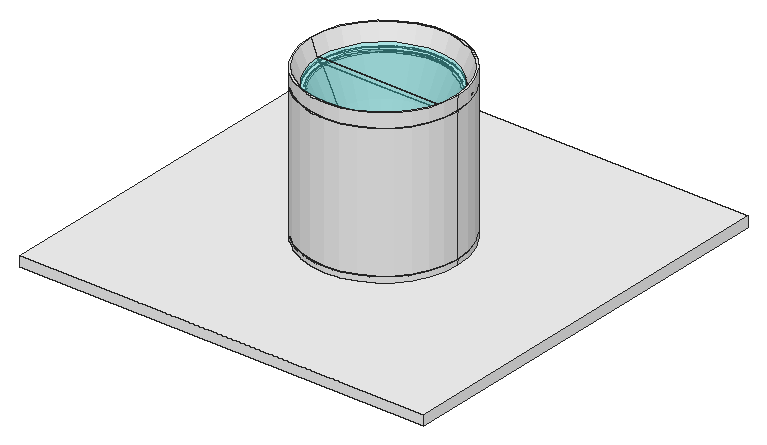
Revit family "BE_24402_de_DE", category Leuchten, Revit 2020
Family settings
  Basisbauteil = Fläche
  Bemaßung runder Anschluss = Durchmesser verwenden
  Teiletyp = Normal
  Beim Laden mit Abzugskörper schneiden = Ja
  Lichtquelle = Ja
  Gemeinsam genutzt = Nein
  Raumberechnungspunkt = Ja
Parameters (values of type "BEGA_24402_Weiß_K4")
  built-in parameter 1150104 = 13.378 (stored number, unit not read)
  Wattage = 11.5 W
  Default Elevation = 0 mm
  built-in parameter 1150113 = 1 (stored number, unit not read)
  built-in parameter 1114218 = 1 (stored number, unit not read)
  Umgebungstemperatur = "25 °C"
  URL = "https://www.bega.com/de/produkt/24402"
  Typenkommentare = "© 2022 BEGA. Wir behalten uns das Recht vor, technische Änderungen ohne vorherige Ankündigung vorzunehmen."  # constant formula
  Type Image = 24402.png
  built-in parameter 1150134 = 12
  built-in parameter 1150109 = 1 (stored number, unit not read)
  Strom = "0,35 A"
  built-in parameter 1150110 = 1 (stored number, unit not read)
  Spannung = 239.996 V
  Sonderanfertigung = no
  Seriennummer [instance] = "Hier können Sie die eindeutige Seriennummer für das Facility Management eintragen."
  Schutzklasse = "I"
  Schutzart = "IP 65"
  Scheinlast = 0 VA
  Produktdatenblatt = "https://cdn.bega.com/bega/products/24402K3/current/documents/data-sheets/de"
  Oberflächentemperatur = ""
  Neigungswinkel = 0.00°
  Modell = "24402WK4"
  Material_17 = BEGA_Reflektor
  Material_15 = BEGA_Leuchtmedium_matt
  Material_11 = BEGA_Glas_opal
  Material_09 = BEGA_Glas_klar
  Material_06 = BEGA_Oberfläche_Edelstahl_gebürstet
  Material_03 = BEGA_Oberfläche_Weiss_matt
  Material_02 = BEGA_Oberfläche_Silber_matt
  Material_01 [instance] = BEGA_Oberfläche_Grafit_matt
  M_W = yes
  M_G = no
  M_A = no
  Logo = 0
  built-in parameter 1114217 = 1 (stored number, unit not read)
  built-in parameter 1150139 = (empty or 0)
  built-in parameter 1150105 = 131.78 (stored number, unit not read)
  built-in parameter 1150114 = 1 (stored number, unit not read)
  Lumens = 1656 lm
  built-in parameter 1150115 = 1 (stored number, unit not read)
  Leuchtenlichtstrom = "1599 lm"
  Leuchtenanzahl = ""
  Lebensdauerkriterien = "L70B50 @ 25 °C = 200000 h"
  Lastklassifizierung = Beleuchtung
  built-in parameter 1150112 = 1 (stored number, unit not read)
  Lampenlichtstrom = "2080 lm"
  Lampe = "LED 11.5 W"
  LED_Modulbezeichnung = "LED-0800/840"
  Hersteller = "BEGA"  # constant formula
  Halbstreuwinkel = ""
  Gewicht = "1.7 kg"
  Gebrauchslageneinschränkung [instance] = ""
  Frequenz = "0/50-60 Hz"
  Farbwiedergabeindex = "CRI > 80"
  Farbtemperaturverschiebung bei Dämpfen der Lampe = <Keine Auswahl>
  Farbtemperatur = "4000 K"
  Color Filter = 16777215
  built-in parameter 1150133 = 10 (stored number, unit not read)
  Energieeffizienzklasse = "LED A++ - A"
  built-in parameter 1150137 = (empty or 0)
  built-in parameter 1150132 = (empty or 0)
  ENEC = "ja"
  Dimmbar [instance] = "DALI"
  Datei für fotometrisches Netz = "BE_24402K4.IES"
  CE_Konformität = "ja"
  Bestellnummer = "24402WK4"
  Beschreibung_Sonderanfertigung = "Hier können Sie Informationen zur Sonderanfertigung eintragen."
  Beschreibung = "Deckenaufbau-Tiefstrahler"
  built-in parameter 1150106 = 1.3178 (stored number, unit not read)
  Befestigungsbohrung = "Ø 4,3 mm"
  Befestigungsabstand = "123 mm"
  Ballwurfsicher = ""
  BEGA_Intern_aus = yes
  BEGA_Intern_an = yes
  BEGA_Intern_Konstruktion = yes
  BEGA_Intern = yes
  BEGA_IES = yes
  BEGA_Dummy = no
  Anschlussleitung = ""
  Anschlussleistung [instance] = "13.2 W"
  Anschlusskasten = ""
  built-in parameter 1150107 = 4000 (stored number, unit not read)
  built-in parameter 1150102 = (empty or 0)
  built-in parameter 1150138 = (empty or 0)
  Aktualisierung = "2022-05-18T04:00:07"
  Abstand_zur_angestrahlten_Fläche [instance] = ""
  AC/DC = "AC/DC"
Types (4, lengths in mm): name | built-in parameter 1150104 | built-in parameter 1150134 | Modell | M_W | M_G | built-in parameter 1150105 | Lumens | Leuchtenlichtstrom | Lampenlichtstrom | LED_Modulbezeichnung | Farbtemperatur | Datei für fotometrisches Netz | Bestellnummer | built-in parameter 1150106 | built-in parameter 1150107
  BEGA_24402_Grafit_K3 | 13.006 (stored number, unit not read) | (empty or 0) | "24402K3" | no | yes | 128.12 (stored number, unit not read) | 1610 lm | "1557 lm" | "2025 lm" | "LED-0800/830" | "3000 K" | "BE_24402K3.IES" | "24402K3" | 1.2812 (stored number, unit not read) | 3000 (stored number, unit not read)
  BEGA_24402_Weiß_K4 | 13.378 (stored number, unit not read) | 12 | "24402WK4" | yes | no | 131.78 (stored number, unit not read) | 1656 lm | "1599 lm" | "2080 lm" | "LED-0800/840" | "4000 K" | "BE_24402K4.IES" | "24402WK4" | 1.3178 (stored number, unit not read) | 4000 (stored number, unit not read)
  BEGA_24402_Weiß_K3 | 13.006 (stored number, unit not read) | (empty or 0) | "24402WK3" | yes | no | 128.12 (stored number, unit not read) | 1610 lm | "1557 lm" | "2025 lm" | "LED-0800/830" | "3000 K" | "BE_24402K3.IES" | "24402WK3" | 1.2812 (stored number, unit not read) | 3000 (stored number, unit not read)
  BEGA_24402_Grafit_K4 | 13.378 (stored number, unit not read) | 12 | "24402K4" | no | yes | 131.78 (stored number, unit not read) | 1656 lm | "1599 lm" | "2080 lm" | "LED-0800/840" | "4000 K" | "BE_24402K4.IES" | "24402K4" | 1.3178 (stored number, unit not read) | 4000 (stored number, unit not read)
Reference planes
  plane 1 "Mitte (Vorne/Hinten)": y = 0
  plane 2: z = 0
  plane 3 "Mitte (Links/Rechts)": x = 0
  plane 4 "Links": x = -73.502
  plane 5 "Rechts": x = 73.5
  plane 6 "Unten": y = -73.507
  plane 7 "Oben": y = 73.524
  plane 8 "Vorne": z = 150.379
  plane 9 "Hinten": z = 0
Forms (mm)
  Extrusion 1, solid, material "BEGA_Platte_Weiss"
    sketch origin (0, -1119.2, 0) x (1, 0, 0) y (0, 1, 0)
      loop
        line (-200, 1319.2) -> (-200, 919.2) -> (200, 919.2) -> (200, 1319.2) -> (-200, 1319.2)
    from 0 to -10
  Extrusion 2, solid, material "BEGA_Dummy_matt", visible <- "BEGA_Dummy"
    sketch origin (77.149, -76.023, 0) x (1, 0, 0) y (0, 1, 0)
      loop
        circle (-77.149, 76.023) r 73.502
    from 0 to 150.2
Dimensions and locks
  plane 1 "Mitte (Vorne/Hinten)" to Extrusion 1 = 200 mm
  aligned and locked: plane 2 to Extrusion 1
  aligned and locked: level to Extrusion 1
Nested families
  nested 1: "BE_24402" at (0, 0, 0), type "BE_24402"
Connectors
  electrical at (0, 0, 0), driven by "Lastklassifizierung", driven by "Spannung", driven by "Scheinlast"
    settings: index 1, voltage 239.996 V, apparent load 0 VA, apparent load phase1 0 VA, apparent load phase2 0 VA, apparent load phase3 0 VA, power factor 1, load classification "Beleuchtung", number of poles 1, system type 31, power factor state 1, is connector primary yes, connector utility no, sub classification motor no, connector description ""
Definition of nested family "BE_24402"
  Parameters (values of type "BE_24402")
    Default Elevation = 1 mm
    URL = "http://www.bega.de/de/produkt"
    Type Comments = "© 2015 BEGA. Wir behalten uns das Recht vor, technische Änderungen ohne vorherige Ankündigung vorzunehmen. "  # constant formula
    Type Image = (empty or 0)
    Neigungswinkel_um_Z2 = 0.00°
    Neigungswinkel_um_Z1 = 0.00°
    Neigungswinkel_um_Y2 = 0.00°
    Neigungswinkel_um_Y1 = 0.00°
    Neigungswinkel_um_X2 = 0.00°
    Neigungswinkel_um_X1 = 0.00°
    Material_17 = none
    Material_15 = none
    Material_11 = none
    Material_09 = none
    Material_06 = none
    Material_03 = none
    Material_02 = none
    Material_01 = none
    M_W = yes
    M_G = yes
    M_A = yes
    Länge_Platte = 200 mm  # constant formula
    Höhe_Platte = -10 mm  # constant formula
    Manufacturer = "BEGA"  # constant formula
    Drehwinkel_um_Z2 = 0.00°
    Drehwinkel_um_Z1 = 0.00°
    Breite_Platte = 200 mm  # constant formula
  Reference planes
    plane 1 "Mitte (Oben/Unten)": y = 0
    plane 2: z = 0
    plane 3 "Mitte (Links/Rechts)": x = 0
    plane 4 "Hinten": z = -40
    plane 5 "Links": x = -73.502
    plane 6 "Oben": y = 73.524
    plane 7 "Unten": y = -73.507
    plane 8: z = 150.2
    plane 9: x = 73.5
  Forms (mm)
    Extrusion 1, solid, detail levels medium
      sketch origin (0, 0, 0) x (1, 0, 0) y (0, 1, 0)
        loop
          line (-100, 100) -> (-100, -100) -> (100, -100) -> (100, 100) -> (-100, 100)
      from 0 to -10 <- "Höhe_Platte"
    Revolve 2, solid, material <- "Material_01", visible <- "M_G"
      sketch origin (0, 0, 0) x (1, 0, 0) y (0, 0, 1)
        loop
          line (-73.5, 136.2) -> (-73.5, 6) -> (-72.592, 6) -> (-71.5, 9) -> (-71.5, 24.964) -> (-63.501, 24.964) -> (-62.435, 55.5) -> (0, 55.5) -> (0, 60.5) -> (-61.52, 60.5) -> (-63.5, 117.2) -> (-71.5, 117.2) -> (-71.5, 133.2) -> (-72.592, 136.2) -> (-73.5, 136.2)
        axis (0, 6) -> (0, 136.2)
      angle from 0 to 360
    Revolve 3, solid, material <- "Material_17"
      sketch origin (0, 0, 0) x (1, 0, 0) y (0, 0, 1)
        loop
          arc (-61.084, 127.6) -> (-45.934, 95.233) -> (-27.286, 64.746) r 321.6
          arc (-27.286, 64.746) -> (-26.772, 64.283) -> (-26.105, 64.1) r 1.5
          line (-26.105, 64.1) -> (-25.035, 64.1) -> (-22.5, 64.1) -> (-22.5, 65.2)
          arc (-22.5, 65.2) -> (-22.646, 65.554) -> (-23, 65.7) r 0.5
          line (-23, 65.7) -> (-25.969, 65.7)
          arc (-25.969, 65.7) -> (-44.763, 96.49) -> (-59.972, 129.2) r 319.974
          line (-59.972, 129.2) -> (-64.916, 129.2) -> (-65, 127.6) -> (-61.084, 127.6)
        axis (0, 64.1) -> (0, 129.2)
      angle from 0 to 360
    Revolve 4, solid, material <- "Material_01", visible <- "M_G"
      sketch origin (0, 0, 0) x (1, 0, 0) y (0, 0, 1)
        loop
          line (-73.5, 150.2) -> (-73.5, 137.217) -> (-71.384, 136.994) -> (-69.5, 133.468) -> (-70.5, 132.891) -> (-70.5, 124.35) -> (-68.578, 123.7) -> (-66.339, 123.7) -> (-66.152, 129.2) -> (-62.553, 129.2)
          arc (-62.553, 129.2) -> (-61.858, 129.481) -> (-61.554, 130.166) r 1
          line (-61.554, 130.166) -> (-61.517, 131.2) -> (-64.965, 131.2) -> (-65, 132.2) -> (-72, 150.2) -> (-73.5, 150.2)
        axis (0, 123.7) -> (0, 150.2)
      angle from 0 to 360
    Revolve 5, solid, material <- "Material_15"
      sketch origin (0, 0, 0) x (1, 0, 0) y (0, 0, 1)
        loop
          line (-16, 60.5) -> (0, 60.5) -> (0, 62.05) -> (-16, 62.05) -> (-16, 60.5)
        axis (0, 60.5) -> (0, 62.05)
      angle from 0 to 360
    Revolve 6, solid, material <- "Material_09"
      sketch origin (0, 0, 0) x (1, 0, 0) y (0, 0, 1)
        loop
          line (-64.5, 135.8) -> (-64.5, 131.7) -> (0, 131.7) -> (0, 135.8) -> (-64.5, 135.8)
        axis (0, 131.7) -> (0, 135.8)
      angle from 0 to 360
    Revolve 7, solid, material <- "Material_03", visible <- "M_W"
      sketch origin (0, 0, 0) x (1, 0, 0) y (0, 0, 1)
        loop
          line (-73.5, 136.2) -> (-73.5, 6) -> (-72.592, 6) -> (-71.5, 9) -> (-71.5, 24.964) -> (-63.501, 24.964) -> (-62.435, 55.5) -> (0, 55.5) -> (0, 60.5) -> (-61.52, 60.5) -> (-63.5, 117.2) -> (-71.5, 117.2) -> (-71.5, 133.2) -> (-72.592, 136.2) -> (-73.5, 136.2)
        axis (0, 6) -> (0, 136.2)
      angle from 0 to 360
    Revolve 8, solid, material <- "Material_03", visible <- "M_W"
      sketch origin (0, 0, 0) x (1, 0, 0) y (0, 0, 1)
        loop
          line (-73.5, 150.2) -> (-73.5, 137.217) -> (-71.384, 136.994) -> (-69.5, 133.468) -> (-70.5, 132.891) -> (-70.5, 124.35) -> (-68.578, 123.7) -> (-66.339, 123.7) -> (-66.152, 129.2) -> (-62.553, 129.2)
          arc (-62.553, 129.2) -> (-61.858, 129.481) -> (-61.554, 130.166) r 1
          line (-61.554, 130.166) -> (-61.517, 131.2) -> (-64.965, 131.2) -> (-65, 132.2) -> (-72, 150.2) -> (-73.5, 150.2)
        axis (0, 123.7) -> (0, 150.2)
      angle from 0 to 360
    Revolve 9, solid, material <- "Material_01", visible <- "M_G"
      sketch origin (0, 0, 0) x (1, 0, 0) y (0, 0, 1)
        loop
          line (-66.29, 17) -> (0, 17) -> (0, 20) -> (-70.5, 20) -> (-70.5, 5.299) -> (-73.502, 4.983) -> (-73.502, 0) -> (-66.884, 0) -> (-66.29, 17)
        axis (0, 0) -> (0, 20)
      angle from 0 to 360
    Extrusion 10, solid, material <- "Material_01", visible <- "M_G"
      sketch origin (0, 0, 0) x (1, 0, 0) y (0, 1, 0)
        loop
          circle (-61.5, 0) r 2.233
        loop
          circle (-61.5, 0) r 6.309
        loop
          circle (61.5, 0) r 2.233
        loop
          circle (61.5, 0) r 6.309
      from 0 to 24.964
    Revolve 11, solid, material <- "Material_03", visible <- "M_W"
      sketch origin (0, 0, 0) x (1, 0, 0) y (0, 0, 1)
        loop
          line (-66.29, 17) -> (0, 17) -> (0, 20) -> (-70.5, 20) -> (-70.5, 5.299) -> (-73.502, 4.983) -> (-73.502, 0) -> (-66.884, 0) -> (-66.29, 17)
        axis (0, 0) -> (0, 20)
      angle from 0 to 360
    Extrusion 12, solid, material <- "Material_03", visible <- "M_W"
      sketch origin (0, 0, 0) x (1, 0, 0) y (0, 1, 0)
        loop
          circle (-61.5, 0) r 2.233
        loop
          circle (-61.5, 0) r 6.309
        loop
          circle (61.5, 0) r 2.233
        loop
          circle (61.5, 0) r 6.309
      from 0 to 24.964
    Extrusion 13, void
      sketch origin (0, 0, 0) x (1, 0, 0) y (0, 1, 0)
        loop
          circle (-20, -46) r 7.197
        loop
          circle (-20, 46) r 7.197
      from 0 to 24.964
  Cuts and joins
    Extrusion 13 cuts Revolve 9
    Extrusion 13 cuts Extrusion 10
    joined: Revolve 9, Extrusion 10
    Extrusion 13 cuts Revolve 11
    Extrusion 13 cuts Extrusion 12
    joined: Revolve 11, Extrusion 12
    Extrusion 13 cuts Revolve 2
    Extrusion 13 cuts Revolve 3
    Extrusion 13 cuts Revolve 6
    Extrusion 13 cuts Revolve 7
  Dimensions and locks
    equal spacing: Extrusion 1 sketch curve, plane 3 "Mitte (Links/Rechts)", Extrusion 1 sketch curve
    equal spacing: Extrusion 1 sketch curve, plane 1 "Mitte (Oben/Unten)", Extrusion 1 sketch curve
    "Länge_Platte": Extrusion 1 sketch curve to Extrusion 1 sketch curve
    "Breite_Platte": Extrusion 1 sketch curve to Extrusion 1 sketch curve
    aligned and locked: plane 2 to Extrusion 1
    aligned and locked: level to Extrusion 1
  Automatic sketch dimensions
    Revolve 2 sketch curve to plane 3 "Mitte (Links/Rechts)" = 0 mm  (x2)
    Revolve 2 sketch curve to plane 3 "Mitte (Links/Rechts)" = 61.52 mm
    Revolve 2 sketch curve to Revolve 2 sketch curve = 0.915 mm
    Revolve 2 sketch curve to Revolve 2 sketch curve = 1.98 mm
    Revolve 2 sketch curve to Revolve 2 sketch curve = 1.066 mm
    level to Revolve 2 sketch curve = 9 mm
    Revolve 2 sketch curve to Revolve 2 sketch curve = 7.999 mm
    Revolve 2 sketch curve to Revolve 2 sketch curve = 8 mm
    Revolve 2 sketch curve to Revolve 2 sketch curve = 1.092 mm  (x2)
    level to Revolve 2 sketch curve = 6 mm
    Revolve 2 sketch curve to Revolve 2 sketch curve = 0.908 mm
    Revolve 2 sketch curve to Revolve 2 sketch curve = 15.964 mm
    level to Revolve 2 sketch curve = 55.5 mm
    Revolve 2 sketch curve to Revolve 2 sketch curve = 5 mm
    Revolve 2 sketch curve to Revolve 2 sketch curve = 56.7 mm
    Revolve 2 sketch curve to Revolve 2 sketch curve = 16 mm
    Revolve 2 sketch curve to Revolve 2 sketch curve = 3 mm
    Revolve 2 sketch curve to Revolve 2 sketch curve = 38.059 mm
    Revolve 2 sketch curve to Revolve 2 sketch curve = 10 mm
    Revolve 3 sketch curve to Revolve 3 sketch curve = 0 mm  (x4)
    Revolve 3 sketch curve to plane 3 "Mitte (Links/Rechts)" = 0 mm
    Revolve 3 sketch curve to plane 3 "Mitte (Links/Rechts)" = 22.5 mm
    Revolve 3 sketch curve to Revolve 3 sketch curve = 0.5 mm
    Revolve 3 sketch curve to Revolve 3 sketch curve = 2.035 mm
    Revolve 3 sketch curve to Revolve 3 sketch curve = 1.07 mm
    Revolve 3 sketch curve to plane 3 "Mitte (Links/Rechts)" = 59.972 mm
    Revolve 3 sketch curve to Revolve 3 sketch curve = 1.111 mm
    Revolve 3 sketch curve to Revolve 3 sketch curve = 3.833 mm
    Revolve 3 sketch curve to Revolve 3 sketch curve = 0.084 mm
    Revolve 3 sketch curve to Revolve 3 sketch curve = 1.1 mm
    Revolve 3 sketch curve to Revolve 3 sketch curve = 1.6 mm
    Revolve 3 sketch curve to Revolve 3 sketch curve = 2.969 mm
    Revolve 3 sketch curve to Revolve 3 sketch curve = 36.359 mm
    Revolve 3 sketch curve to Revolve 3 sketch curve = 5 mm
    Revolve 3 sketch curve to Revolve 3 sketch curve = 0.054 mm
    Revolve 3 sketch curve to Revolve 3 sketch curve = 1.499 mm
    Revolve 3 sketch curve to Revolve 3 sketch curve = 20.541 mm
    Revolve 4 sketch curve to plane 3 "Mitte (Links/Rechts)" = 0 mm
    Revolve 4 sketch curve to plane 3 "Mitte (Links/Rechts)" = 61.517 mm
    Revolve 4 sketch curve to Revolve 4 sketch curve = 0.036 mm
    Revolve 4 sketch curve to Revolve 4 sketch curve = 0.999 mm
    Revolve 4 sketch curve to Revolve 4 sketch curve = 2.412 mm
    Revolve 4 sketch curve to Revolve 4 sketch curve = 0.035 mm
    Revolve 4 sketch curve to Revolve 4 sketch curve = 1.187 mm
    Revolve 4 sketch curve to Revolve 4 sketch curve = 0.187 mm
    Revolve 4 sketch curve to Revolve 4 sketch curve = 2.239 mm
    Revolve 4 sketch curve to Revolve 4 sketch curve = 4.5 mm
    Revolve 4 sketch curve to Revolve 4 sketch curve = 1 mm  (x2)
    Revolve 4 sketch curve to Revolve 4 sketch curve = 1.884 mm
    Revolve 4 sketch curve to Revolve 4 sketch curve = 0.616 mm
    Revolve 4 sketch curve to Revolve 4 sketch curve = 2.116 mm
    Revolve 4 sketch curve to Revolve 4 sketch curve = 0.65 mm
    Revolve 4 sketch curve to Revolve 4 sketch curve = 5.5 mm
    Revolve 4 sketch curve to Revolve 4 sketch curve = 0.966 mm
    Revolve 4 sketch curve to Revolve 4 sketch curve = 1.034 mm
    Revolve 4 sketch curve to Revolve 4 sketch curve = 0.691 mm
    Revolve 4 sketch curve to Revolve 4 sketch curve = 0.577 mm
    Revolve 4 sketch curve to Revolve 4 sketch curve = 3.526 mm
    Revolve 4 sketch curve to Revolve 4 sketch curve = 0.222 mm
    Revolve 4 sketch curve to Revolve 4 sketch curve = 12.983 mm
    Revolve 4 sketch curve to Revolve 4 sketch curve = 10 mm
    Revolve 5 sketch curve to plane 3 "Mitte (Links/Rechts)" = 0 mm  (x2)
    Revolve 5 sketch curve to Revolve 5 sketch curve = 16 mm
    Revolve 5 sketch curve to Revolve 5 sketch curve = 0 mm
    level to Revolve 5 sketch curve = 60.5 mm
    Revolve 5 sketch curve to Revolve 5 sketch curve = 1.55 mm
    Revolve 5 sketch curve to Revolve 5 sketch curve = 10.335 mm
    Revolve 5 sketch curve to Revolve 5 sketch curve = 2.718 mm
    Revolve 6 sketch curve to plane 3 "Mitte (Links/Rechts)" = 0 mm  (x2)
    Revolve 6 sketch curve to Revolve 6 sketch curve = 64.5 mm
    Revolve 6 sketch curve to Revolve 6 sketch curve = 4.1 mm
    Revolve 6 sketch curve to Revolve 6 sketch curve = 20 mm
    Revolve 6 sketch curve to Revolve 6 sketch curve = 17.052 mm
    Revolve 7 sketch curve to plane 3 "Mitte (Links/Rechts)" = 0 mm  (x2)
    Revolve 7 sketch curve to plane 3 "Mitte (Links/Rechts)" = 61.52 mm
    Revolve 7 sketch curve to Revolve 7 sketch curve = 0.915 mm
    Revolve 7 sketch curve to Revolve 7 sketch curve = 1.98 mm
    Revolve 7 sketch curve to Revolve 7 sketch curve = 1.066 mm
    level to Revolve 7 sketch curve = 9 mm
    Revolve 7 sketch curve to Revolve 7 sketch curve = 7.999 mm
    Revolve 7 sketch curve to Revolve 7 sketch curve = 8 mm
    Revolve 7 sketch curve to Revolve 7 sketch curve = 1.092 mm  (x2)
    level to Revolve 7 sketch curve = 6 mm
    Revolve 7 sketch curve to Revolve 7 sketch curve = 0.908 mm
    Revolve 7 sketch curve to Revolve 7 sketch curve = 15.964 mm
    level to Revolve 7 sketch curve = 55.5 mm
    Revolve 7 sketch curve to Revolve 7 sketch curve = 5 mm
    Revolve 7 sketch curve to Revolve 7 sketch curve = 56.7 mm
    Revolve 7 sketch curve to Revolve 7 sketch curve = 16 mm
    Revolve 7 sketch curve to Revolve 7 sketch curve = 3 mm
    Revolve 7 sketch curve to Revolve 7 sketch curve = 38.059 mm
    Revolve 7 sketch curve to Revolve 7 sketch curve = 10 mm
    Revolve 8 sketch curve to plane 3 "Mitte (Links/Rechts)" = 0 mm
    Revolve 8 sketch curve to plane 3 "Mitte (Links/Rechts)" = 61.517 mm
    Revolve 8 sketch curve to Revolve 8 sketch curve = 0.036 mm
    Revolve 8 sketch curve to Revolve 8 sketch curve = 0.999 mm
    Revolve 8 sketch curve to Revolve 8 sketch curve = 2.412 mm
    Revolve 8 sketch curve to Revolve 8 sketch curve = 0.035 mm
    Revolve 8 sketch curve to Revolve 8 sketch curve = 1.187 mm
    Revolve 8 sketch curve to Revolve 8 sketch curve = 0.187 mm
    Revolve 8 sketch curve to Revolve 8 sketch curve = 2.239 mm
    Revolve 8 sketch curve to Revolve 8 sketch curve = 4.5 mm
    Revolve 8 sketch curve to Revolve 8 sketch curve = 1 mm  (x2)
    Revolve 8 sketch curve to Revolve 8 sketch curve = 1.884 mm
    Revolve 8 sketch curve to Revolve 8 sketch curve = 0.616 mm
    Revolve 8 sketch curve to Revolve 8 sketch curve = 2.116 mm
    Revolve 8 sketch curve to Revolve 8 sketch curve = 0.65 mm
    Revolve 8 sketch curve to Revolve 8 sketch curve = 5.5 mm
    Revolve 8 sketch curve to Revolve 8 sketch curve = 0.966 mm
    Revolve 8 sketch curve to Revolve 8 sketch curve = 1.034 mm
    Revolve 8 sketch curve to Revolve 8 sketch curve = 0.691 mm
    Revolve 8 sketch curve to Revolve 8 sketch curve = 0.577 mm
    Revolve 8 sketch curve to Revolve 8 sketch curve = 3.526 mm
    Revolve 8 sketch curve to Revolve 8 sketch curve = 0.222 mm
    Revolve 8 sketch curve to Revolve 8 sketch curve = 12.983 mm
    Revolve 8 sketch curve to Revolve 8 sketch curve = 10 mm
    level to Revolve 3 sketch curve = 64.1 mm
    level to Revolve 4 sketch curve = 123.7 mm
    Revolve 4 sketch curve to Revolve 4 sketch curve = 21.001 mm
    level to Revolve 6 sketch curve = 131.7 mm
    level to Revolve 8 sketch curve = 123.7 mm
    Revolve 8 sketch curve to Revolve 8 sketch curve = 21.001 mm
    plane 3 "Mitte (Links/Rechts)" to Revolve 3 sketch curve = 237.314 mm
    Revolve 9 sketch curve to level = 0 mm
    Revolve 9 sketch curve to plane 5 "Links" = 0 mm
    Revolve 9 sketch curve to plane 3 "Mitte (Links/Rechts)" = 0 mm  (x2)
    plane 5 "Links" to Revolve 9 sketch curve = 3.003 mm
    Revolve 9 sketch curve to Revolve 9 sketch curve = 3.616 mm
    Revolve 9 sketch curve to Revolve 9 sketch curve = 4.21 mm
    Revolve 9 sketch curve to Revolve 9 sketch curve = 4.983 mm
    Revolve 9 sketch curve to Revolve 9 sketch curve = 0.316 mm
    Revolve 9 sketch curve to Revolve 9 sketch curve = 11.701 mm
    Revolve 9 sketch curve to Revolve 9 sketch curve = 3 mm
    Revolve 9 sketch curve to Revolve 9 sketch curve = 7.056 mm
    Revolve 9 sketch curve to Revolve 9 sketch curve = 11.305 mm
    Extrusion 10 sketch curve to Extrusion 10 sketch curve = 0 mm  (x4)
    plane 1 "Mitte (Oben/Unten)" to Extrusion 10 sketch curve = 0 mm  (x2)
    plane 5 "Links" to Extrusion 10 sketch curve = 12.002 mm
    Extrusion 10 sketch curve to plane 9 = 12 mm
    Revolve 11 sketch curve to level = 0 mm
    Revolve 11 sketch curve to plane 5 "Links" = 0 mm
    Revolve 11 sketch curve to plane 3 "Mitte (Links/Rechts)" = 0 mm  (x2)
    plane 5 "Links" to Revolve 11 sketch curve = 3.003 mm
    Revolve 11 sketch curve to Revolve 11 sketch curve = 3.616 mm
    Revolve 11 sketch curve to Revolve 11 sketch curve = 4.21 mm
    Revolve 11 sketch curve to Revolve 11 sketch curve = 4.983 mm
    Revolve 11 sketch curve to Revolve 11 sketch curve = 0.316 mm
    Revolve 11 sketch curve to Revolve 11 sketch curve = 11.701 mm
    Revolve 11 sketch curve to Revolve 11 sketch curve = 3 mm
    Revolve 11 sketch curve to Revolve 11 sketch curve = 7.056 mm
    Revolve 11 sketch curve to Revolve 11 sketch curve = 11.305 mm
    Extrusion 12 sketch curve to Extrusion 12 sketch curve = 0 mm  (x4)
    plane 1 "Mitte (Oben/Unten)" to Extrusion 12 sketch curve = 0 mm  (x2)
    plane 5 "Links" to Extrusion 12 sketch curve = 12.002 mm
    Extrusion 12 sketch curve to plane 9 = 12 mm
    radius of Extrusion 10 sketch curve = 2.233 mm  (x2)
    radius of Extrusion 10 sketch curve = 6.309 mm  (x2)
    radius of Extrusion 12 sketch curve = 2.233 mm  (x2)
    radius of Extrusion 12 sketch curve = 6.309 mm  (x2)
